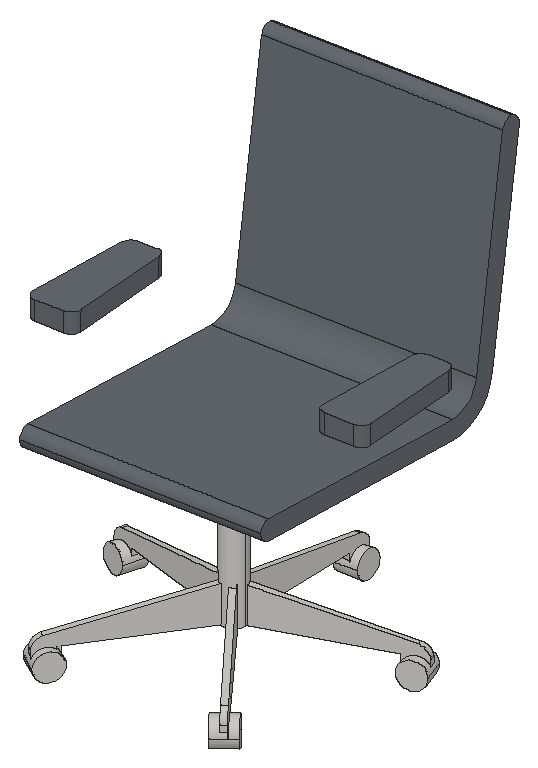
Revit family "Chair Meeting", category Furniture, Revit 2015
Parameters
  Material Seat/Back [instance] = Leather Blue
  Material Caster [instance] = Stainless Steel
  Material Base [instance] = Stainless Steel
  Assembly Code = ""
Reference planes
  plane 1 "Center (Front/Back)": y = 0
  plane 2: z = 0
  plane 3 "Center (Left/Right)": x = 0
Forms (mm)
  Extrusion 1, solid, material "Stainless Steel" <- "Material Base"
    sketch origin (0, -18.946, 0.017) x (0, 1, 0) y (0, 0, 1)
      loop
        line (18.946, 53.584) -> (311.046, 53.584) -> (311.046, 28.184) -> (361.846, 28.184) -> (361.846, 52.487)
        arc (361.846, 52.487) -> (355.903, 68.813) -> (340.857, 77.501) r 25.4
        line (340.857, 77.501) -> (44.346, 129.784) -> (18.946, 129.784) -> (18.946, 53.584)
    from 6.35 to -6.35
  Extrusion 2, solid, material "Stainless Steel" <- "Material Caster"
    sketch origin (0, -18.946, 0.017) x (0, 1, 0) y (0, 0, 1)
      loop
        circle (336.446, 28.184) r 28.2
    from 25.4 to -25.4
  Extrusion 3, solid, material "Stainless Steel" <- "Material Base"
    sketch origin (18.019, -5.855, 0.017) x (-0.951057, 0.309017, 0) y (0, 0, 1)
      loop
        line (18.946, 53.584) -> (311.046, 53.584) -> (311.046, 28.184) -> (361.846, 28.184) -> (361.846, 52.487)
        arc (361.846, 52.487) -> (355.903, 68.813) -> (340.857, 77.501) r 25.4
        line (340.857, 77.501) -> (44.346, 129.784) -> (18.946, 129.784) -> (18.946, 53.584)
    from 6.35 to -6.35
  Extrusion 4, solid, material "Stainless Steel" <- "Material Caster"
    sketch origin (18.019, -5.855, 0.017) x (-0.951057, 0.309017, 0) y (0, 0, 1)
      loop
        circle (336.446, 28.184) r 28.2
    from 25.4 to -25.4
  Extrusion 5, solid, material "Stainless Steel" <- "Material Base"
    sketch origin (11.136, 15.328, 0.017) x (-0.587785, -0.809017, 0) y (0, 0, 1)
      loop
        line (18.946, 53.584) -> (311.046, 53.584) -> (311.046, 28.184) -> (361.846, 28.184) -> (361.846, 52.487)
        arc (361.846, 52.487) -> (355.903, 68.813) -> (340.857, 77.501) r 25.4
        line (340.857, 77.501) -> (44.346, 129.784) -> (18.946, 129.784) -> (18.946, 53.584)
    from 6.35 to -6.35
  Extrusion 6, solid, material "Stainless Steel" <- "Material Caster"
    sketch origin (11.136, 15.328, 0.017) x (-0.587785, -0.809017, 0) y (0, 0, 1)
      loop
        circle (336.446, 28.184) r 28.2
    from 25.4 to -25.4
  Extrusion 7, solid, material "Stainless Steel" <- "Material Base"
    sketch origin (-11.136, 15.328, 0.017) x (0.587785, -0.809017, 0) y (0, 0, 1)
      loop
        line (18.946, 53.584) -> (311.046, 53.584) -> (311.046, 28.184) -> (361.846, 28.184) -> (361.846, 52.487)
        arc (361.846, 52.487) -> (355.903, 68.813) -> (340.857, 77.501) r 25.4
        line (340.857, 77.501) -> (44.346, 129.784) -> (18.946, 129.784) -> (18.946, 53.584)
    from 6.35 to -6.35
  Extrusion 8, solid, material "Stainless Steel" <- "Material Caster"
    sketch origin (-11.136, 15.328, 0.017) x (0.587785, -0.809017, 0) y (0, 0, 1)
      loop
        circle (336.446, 28.184) r 28.2
    from 25.4 to -25.4
  Extrusion 9, solid, material "Stainless Steel" <- "Material Base"
    sketch origin (-18.019, -5.855, 0.017) x (0.951057, 0.309017, 0) y (0, 0, 1)
      loop
        line (18.946, 53.584) -> (311.046, 53.584) -> (311.046, 28.184) -> (361.846, 28.184) -> (361.846, 52.487)
        arc (361.846, 52.487) -> (355.903, 68.813) -> (340.857, 77.501) r 25.4
        line (340.857, 77.501) -> (44.346, 129.784) -> (18.946, 129.784) -> (18.946, 53.584)
    from 6.35 to -6.35
  Extrusion 10, solid, material "Stainless Steel" <- "Material Caster"
    sketch origin (-18.019, -5.855, 0.017) x (0.951057, 0.309017, 0) y (0, 0, 1)
      loop
        circle (336.446, 28.184) r 28.2
    from 25.4 to -25.4
  Extrusion 11, solid, material "Stainless Steel" <- "Material Base"
    sketch origin (-140.991, -18.946, 0.017) x (1, 0, 0) y (0, 1, 0)
      loop
        circle (140.991, 18.946) r 25.4
    from 53.584 to 384.175
  Extrusion 12, solid, material "Leather Blue" <- "Material Seat/Back"
    sketch origin (-250, 100, 0) x (0, 1, 0) y (0, 0, 1)
      loop
        arc (-321.047, 429.007) -> (-335.861, 423.542) -> (-342.093, 409.034) r 20
        arc (-342.093, 409.034) -> (-336.601, 395.267) -> (-323.14, 389.062) r 20
        line (-323.14, 389.062) -> (153.203, 364.097)
        arc (153.203, 364.097) -> (221.368, 386.246) -> (257.205, 448.317) r 100
        line (257.205, 448.317) -> (325.407, 878.925)
        arc (325.407, 878.925) -> (321.833, 893.81) -> (308.782, 901.808) r 20
        arc (308.782, 901.808) -> (293.897, 898.234) -> (285.899, 885.183) r 20
        line (285.899, 885.183) -> (217.697, 454.574)
        arc (217.697, 454.574) -> (196.195, 417.332) -> (155.296, 404.043) r 60
        line (155.296, 404.043) -> (-321.047, 429.007)
    from 0 to 500
  Extrusion 13, solid, material "Leather Blue" <- "Material Seat/Back"
    sketch origin (-5, -75, 540) x (1, 0, 0) y (0, 1, 0)
      loop
        arc (-345.579, -7.686) -> (-339.721, -21.829) -> (-325.579, -27.686) r 20
        line (-325.579, -27.686) -> (-265.579, -27.686)
        arc (-265.579, -27.686) -> (-251.437, -21.829) -> (-245.579, -7.686) r 20
        line (-245.579, -7.686) -> (-256.885, 208.038)
        arc (-256.885, 208.038) -> (-263.09, 221.499) -> (-276.857, 226.992) r 20
        line (-276.857, 226.992) -> (-314.301, 226.992)
        arc (-314.301, 226.992) -> (-328.068, 221.499) -> (-334.273, 208.038) r 20
        line (-334.273, 208.038) -> (-345.579, -7.686)
    from 0 to 40
  Extrusion 14, solid, material "Leather Blue" <- "Material Seat/Back"
    sketch origin (5, -75, 540) x (-1, 0, 0) y (0, -1, 0)
      loop
        line (-345.579, 7.686) -> (-334.273, -208.038)
        arc (-334.273, -208.038) -> (-328.068, -221.499) -> (-314.301, -226.992) r 20
        line (-314.301, -226.992) -> (-276.857, -226.992)
        arc (-276.857, -226.992) -> (-263.09, -221.499) -> (-256.885, -208.038) r 20
        line (-256.885, -208.038) -> (-245.579, 7.686)
        arc (-245.579, 7.686) -> (-251.437, 21.829) -> (-265.579, 27.686) r 20
        line (-265.579, 27.686) -> (-325.579, 27.686)
        arc (-325.579, 27.686) -> (-339.721, 21.829) -> (-345.579, 7.686) r 20
    from 0 to 40
Lines and regions (mm)
  symbolic lines
    curve 1: line (-230, 425.653, 0) -> (230, 425.653, 0)
    curve 2: line (-250, 306.497, 0) -> (-250, 405.653, 0)
    curve 3: line (230, 286.497, 0) -> (-230, 286.497, 0)
    curve 4: line (250, 405.653, 0) -> (250, 306.497, 0)
    curve 5: arc (-250, 405.653, 0) -> (-244.142, 419.795, 0) -> (-230, 425.653, 0) r 20
    curve 6: arc (-250, 306.497, 0) -> (-244.142, 292.355, 0) -> (-230, 286.497, 0) r 20
    curve 7: arc (230, 286.497, 0) -> (244.142, 292.355, 0) -> (250, 306.497, 0) r 20
    curve 8: arc (250, 405.653, 0) -> (244.142, 419.795, 0) -> (230, 425.653, 0) r 20
